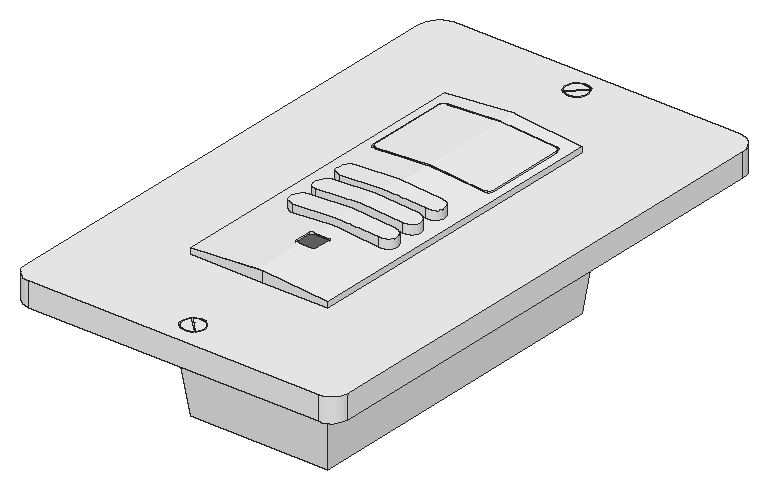
Revit family "1122A_LightHAWK2_Dimming", category Communication Devices, host Face, Revit 2021
Family settings
  Host = Face
  Maintain Annotation Orientation = No
  Round Connector Dimension = Use Diameter
  Part Type = Normal
  OmniClass Number = 23.85.80.11.27
  OmniClass Title = Lighting Controls
  Cut with Voids When Loaded = No
  Shared = Yes
  Room Calculation Point = No
Parameters
  Warranty = "5-Years Warranty"  # constant formula
  Type Comments = "LightHAWK®2 Dimming Wall Switch Sensor"  # constant formula
  Product Page URL = ""
  Product Documentation Link = ""
  URL = "https://www.currentlighting.com/nxlightingcontrols"
  Model = "Wall Switch Occupancy Sensors\r"  # constant formula
  Manufacturer = " NX Lighting Controls"  # constant formula
  Width = 2.75"
  Features = "Digital passive infrared (PIR) sensor \r\nIntelliDAPT self-adaptive technology—no manual adjustment required \r\n1 relay model for single-level switching \r\nOccupancy (auto-on) and Vacancy (manual-on) operating modes\r\n1,000 square-foot, 180° coverage area  \r\nRhinoTuff™ vandal resistant lens \r\n120/277VAC operation\r\nNo minimum load requirement \r\n Zero Arc Point Switching\r\nFive-year warranty \r\n120-277 Vac and 347 Vac models\r\n"  # constant formula
  Black = Paint -Carbon Black
  Height = 4.50"
  White = Paint - Matte White
  Description = "The LightHAWK2 Passive Infrared Wall Switch Sensor uses passive\r\ninfrared (PIR) technology to detect motion. The most affordable of the\r\nmotion detecting technologies, this sensor type is ideal for detecting\r\nlarge motion in areas with an unobstructed view of the sensor. This\r\nsensor has a coverage area of up to 1,000 square feet and 180° of\r\ndetection."  # constant formula
  Default Elevation = 48.00"
  Copyright = "Copyright © NX Lighting Controls"  # constant formula
  Contact Us = ""
  Assembly Code = "D5090"
Reference planes (in)
  plane 1 "Center (Front/Back)": y = 13.01342
  plane 2: z = 0
  plane 3 "Center (Left/Right)": x = 0
  plane 4: x = -1.375
  plane 5: x = 1.375
  plane 6: y = 15.26342
  plane 7: y = 10.76342
  plane 8: z = -1.35
  plane 9: z = 0.3
Forms (in)
  Extrusion 1, solid, material "Paint - Matte White" <- "White"
    sketch origin (0, 0, -0.5) x (1, 0, 0) y (0, 1, 0)
      loop
        arc (-1.17464, 15.26342) -> (-1.31632, 15.20473) -> (-1.375, 15.06306) r 0.20036
        line (-1.375, 15.06306) -> (-1.375, 10.91856)
        arc (-1.375, 10.91856) -> (-1.32956, 10.80886) -> (-1.21986, 10.76342) r 0.15514
        line (-1.21986, 10.76342) -> (1.23768, 10.76342)
        arc (1.23768, 10.76342) -> (1.33478, 10.80364) -> (1.375, 10.90074) r 0.13732
        line (1.375, 10.90074) -> (1.375, 15.08233)
        arc (1.375, 15.08233) -> (1.32196, 15.21038) -> (1.19391, 15.26342) r 0.18109
        line (1.19391, 15.26342) -> (-1.17464, 15.26342)
    from 0.6 to 0.4
  Extrusion 2, solid, material "Paint - Matte White" <- "White"
    sketch origin (0, 0, 0) x (1, 0, 0) y (0, 1, 0)
      loop
        line (-0.61252, 14.41205) -> (-0.61252, 11.71709) -> (0, 11.71709) -> (0.55202, 11.71709) -> (0.55202, 14.41205) -> (0, 14.41205) -> (-0.61252, 14.41205)
    from 0.23534 to 0.1
  Extrusion 3, solid, material "Paint - Matte White" <- "White"
    sketch origin (0, -0.15625, -0.15625) x (1, 0, 0) y (0, 1, 0)
      loop
        arc (-0.36532, 13.31515) -> (-0.44943, 13.23104) -> (-0.36532, 13.14693) r 0.08411
        line (-0.36532, 13.14693) -> (0.36532, 13.14693)
        arc (0.36532, 13.14693) -> (0.44943, 13.23104) -> (0.36532, 13.31515) r 0.08411
        line (0.36532, 13.31515) -> (-0.36532, 13.31515)
    from 0.41734 to 0.3
  Extrusion 4, void
    sketch origin (0, 13.01342, -0.15625) x (1, 0, 0) y (0, 0, 1)
      loop
        line (-0.68234, 0.93634) -> (-0.68234, 0.33634)
        arc (-0.68234, 0.33634) -> (0.00087, 0.41153) -> (0.68408, 0.33634) r 3.14149
        line (0.68408, 0.33634) -> (0.68408, 0.93634) -> (-0.68234, 0.93634)
    from 0.59824 to -0.22916
  Extrusion 5, void
    sketch origin (0, 13.01342, 0) x (1, 0, 0) y (0, 0, 1)
      loop
        line (-0.80064, 0.50032) -> (-0.80064, 0.11093)
        arc (-0.80064, 0.11093) -> (-0.03604, 0.19217) -> (0.72866, 0.11196) r 3.66183
        line (0.72866, 0.11196) -> (0.72866, 0.50032) -> (-0.80064, 0.50032)
    from 1.29633 to -1.39863
  Extrusion 6, void
    sketch origin (0, 0, 0) x (1, 0, 0) y (0, 1, 0)
      loop
        arc (-0.05987, 12.32805) -> (-0.07481, 12.32186) -> (-0.081, 12.30692) r 0.02113
        line (-0.081, 12.30692) -> (-0.081, 12.17922)
        arc (-0.081, 12.17922) -> (-0.0748, 12.16425) -> (-0.05983, 12.15805) r 0.02118
        line (-0.05983, 12.15805) -> (0.07098, 12.15805)
        arc (0.07098, 12.15805) -> (0.08505, 12.16387) -> (0.09087, 12.17794) r 0.01989
        line (0.09087, 12.17794) -> (0.09087, 12.30681)
        arc (0.09087, 12.30681) -> (0.08465, 12.32183) -> (0.06964, 12.32805) r 0.02123
        line (0.06964, 12.32805) -> (-0.05987, 12.32805)
    from 0.2 to 0.18
  Extrusion 7, void
    sketch origin (0, 0, 0) x (1, 0, 0) y (0, 1, 0)
      loop
        arc (-0.4785, 14.26887) -> (-0.50959, 14.256) -> (-0.52247, 14.22491) r 0.04396
        line (-0.52247, 14.22491) -> (-0.52247, 13.56121)
        arc (-0.52247, 13.56121) -> (-0.51007, 13.53127) -> (-0.48013, 13.51887) r 0.04234
        line (-0.48013, 13.51887) -> (0.43515, 13.51887)
        arc (0.43515, 13.51887) -> (0.46512, 13.53128) -> (0.47753, 13.56125) r 0.04238
        line (0.47753, 13.56125) -> (0.47753, 14.22788)
        arc (0.47753, 14.22788) -> (0.46552, 14.25687) -> (0.43654, 14.26887) r 0.04099
        line (0.43654, 14.26887) -> (-0.4785, 14.26887)
      loop
        arc (-0.4785, 14.27887) -> (-0.51666, 14.26307) -> (-0.53247, 14.22491) r 0.05396
        line (-0.53247, 14.22491) -> (-0.53247, 13.56121)
        arc (-0.53247, 13.56121) -> (-0.51714, 13.5242) -> (-0.48013, 13.50887) r 0.05234
        line (-0.48013, 13.50887) -> (0.43515, 13.50887)
        arc (0.43515, 13.50887) -> (0.47219, 13.52421) -> (0.48753, 13.56125) r 0.05238
        line (0.48753, 13.56125) -> (0.48753, 14.22788)
        arc (0.48753, 14.22788) -> (0.4726, 14.26394) -> (0.43654, 14.27887) r 0.05099
        line (0.43654, 14.27887) -> (-0.4785, 14.27887)
    from 0.31907 to 0.14375
  Blend 8, solid, material "Paint - Matte White" <- "White"
    base sketch origin (0, 0, 0) x (1, 0, 0) y (0, 1, 0)
      loop
        line (-0.73509, 14.56519) -> (-0.73509, 11.56519) -> (0.66835, 11.56519) -> (0.66835, 14.56519) -> (-0.73509, 14.56519)
    top sketch origin (0, 0, 0) x (1, 0, 0) y (0, 1, 0)
      loop
        line (-0.61252, 14.41205) -> (-0.61252, 11.71709) -> (0.55202, 11.71709) -> (0.55202, 14.41205) -> (-0.61252, 14.41205)
    from 0 to -1.12608
  Extrusion 9, solid, material "Paint - Matte White" <- "White"
    sketch origin (0, -0.40625, -0.15625) x (1, 0, 0) y (0, 1, 0)
      loop
        arc (-0.36532, 13.31515) -> (-0.44943, 13.23104) -> (-0.36532, 13.14693) r 0.08411
        line (-0.36532, 13.14693) -> (0.36532, 13.14693)
        arc (0.36532, 13.14693) -> (0.44943, 13.23104) -> (0.36532, 13.31515) r 0.08411
        line (0.36532, 13.31515) -> (-0.36532, 13.31515)
    from 0.41734 to 0.3
  Extrusion 10, solid, material "Paint - Matte White" <- "White"
    sketch origin (0, -0.65625, -0.15625) x (1, 0, 0) y (0, 1, 0)
      loop
        arc (-0.36532, 13.31515) -> (-0.44943, 13.23104) -> (-0.36532, 13.14693) r 0.08411
        line (-0.36532, 13.14693) -> (0.36532, 13.14693)
        arc (0.36532, 13.14693) -> (0.44943, 13.23104) -> (0.36532, 13.31515) r 0.08411
        line (0.36532, 13.31515) -> (-0.36532, 13.31515)
    from 0.41734 to 0.3
  Extrusion 11, void
    sketch origin (0, 0, 0) x (1, 0, 0) y (0, 1, 0)
      loop
        circle (0, 15.04517) r 0.09759
      loop
        arc (0.0579, 15.11089) -> (-0.06193, 15.1071) -> (-0.06572, 14.98727) r 0.08759
        line (-0.06572, 14.98727) -> (0.0579, 15.11089)
      loop
        line (0.06793, 15.10046) -> (-0.05529, 14.97724)
        arc (-0.05529, 14.97724) -> (0.06193, 14.98324) -> (0.06793, 15.10046) r 0.08759
    from 0.1 to 0.08
  Extrusion 12, void
    sketch origin (0, 26.02684, 0) x (1, 0, 0) y (0, 1, 0)
      loop
        circle (0, -15.04517) r 0.09759
      loop
        line (0.0579, -15.11089) -> (-0.06572, -14.98727)
        arc (-0.06572, -14.98727) -> (-0.06193, -15.1071) -> (0.0579, -15.11089) r 0.08759
      loop
        arc (0.06793, -15.10046) -> (0.06193, -14.98324) -> (-0.05529, -14.97724) r 0.08759
        line (-0.05529, -14.97724) -> (0.06793, -15.10046)
    from 0.1 to 0.08
Cuts and joins
  Extrusion 4 cuts Extrusion 3
  Extrusion 5, Extrusion 6, Extrusion 11, Extrusion 12 cuts Extrusion 1
  Extrusion 5, Extrusion 6, Extrusion 7, Extrusion 12 cuts Extrusion 2
  joined: Extrusion 1, Extrusion 2
  Extrusion 4 cuts Extrusion 9
  Extrusion 4 cuts Extrusion 10
Lines and regions (in)
  model lines
    curve 1: line (0, 13.13625, 0) -> (-0.06711, 13.02002, 0)
    curve 2: line (-0.06711, 13.02002, 0) -> (0.06711, 13.02002, 0)
    curve 3: line (0.06711, 13.02002, 0) -> (0, 13.13625, 0)
    curve 4: line (0, 12.50023, 0) -> (-0.06711, 12.61646, 0)
    curve 5: line (-0.06711, 12.61646, 0) -> (0.06711, 12.61646, 0)
    curve 6: line (0.06711, 12.61646, 0) -> (0, 12.50023, 0)
Dimensions and locks (in)
  plane 2 to plane 8 = 1.35"
  "Width": plane 4 to plane 5
  equal spacing: plane 4, plane 3 "Center (Left/Right)", plane 5
  "Height": plane 7 to plane 6
  equal spacing: plane 7, plane 1 "Center (Front/Back)", plane 6
  plane 9 to plane 8 = 1.65"
  aligned and locked: plane 2 to host face
  aligned and locked: level to host face
Automatic sketch dimensions
  curve 1 to plane 3 "Center (Left/Right)" = 0.00"
  curve 4 to plane 3 "Center (Left/Right)" = 0.00"
  curve 4 to plane 3 "Center (Left/Right)" = 0.06711"
  curve 2 to plane 1 "Center (Front/Back)" = 0.0066"
  curve 2 to plane 3 "Center (Left/Right)" = 0.06711"
  plane 3 "Center (Left/Right)" to curve 5 = 0.06711"
  plane 3 "Center (Left/Right)" to curve 2 = 0.06711"
  plane 1 "Center (Front/Back)" to curve 4 = 0.39696"
  curve 6 to curve 4 = 0.11623"
  curve 1 to plane 1 "Center (Front/Back)" = 0.12283"
  host sketch curve to host sketch curve = 96.00"  (x2)
  Extrusion 1 sketch curve to plane 4 = 0.00"
  plane 7 to Extrusion 1 sketch curve = 0.00"
  plane 6 to Extrusion 1 sketch curve = 0.00"
  Extrusion 1 sketch curve to plane 5 = 0.00"
  plane 4 to Extrusion 1 sketch curve = 0.15514"
  plane 4 to Extrusion 1 sketch curve = 0.20036"
  Extrusion 1 sketch curve to Extrusion 1 sketch curve = 0.18109"
  Extrusion 1 sketch curve to plane 5 = 0.13732"
  Extrusion 2 sketch curve to plane 3 "Center (Left/Right)" = 0.00"  (x2)
  Extrusion 2 sketch curve to plane 3 "Center (Left/Right)" = 0.61252"
  Extrusion 2 sketch curve to Extrusion 2 sketch curve = 0.55202"
  Extrusion 2 sketch curve to plane 7 = 0.95367"
  plane 6 to Extrusion 2 sketch curve = 0.85137"
  Extrusion 3 sketch curve to plane 1 "Center (Front/Back)" = 0.14548"
  Extrusion 3 sketch curve to plane 3 "Center (Left/Right)" = 0.36532"
  plane 1 "Center (Front/Back)" to Extrusion 3 sketch curve = 0.02274"
  plane 3 "Center (Left/Right)" to Extrusion 3 sketch curve = 0.36532"
  plane 9 to Extrusion 4 sketch curve = 0.11991"
  Extrusion 4 sketch curve to plane 3 "Center (Left/Right)" = 0.68234"
  plane 3 "Center (Left/Right)" to Extrusion 4 sketch curve = 0.00087"
  plane 3 "Center (Left/Right)" to Extrusion 4 sketch curve = 0.68408"
  plane 8 to Extrusion 4 sketch curve = 1.53622"
  Extrusion 4 sketch curve to plane 9 = 0.48009"
  Extrusion 4 sketch curve to Extrusion 4 sketch curve = 0.00"
  level to Extrusion 5 sketch curve = 0.11093"
  plane 4 to Extrusion 5 sketch curve = 0.57436"
  Extrusion 5 sketch curve to plane 3 "Center (Left/Right)" = 0.03357"
  level to Extrusion 5 sketch curve = 0.11196"
  plane 3 "Center (Left/Right)" to Extrusion 5 sketch curve = 0.72866"
  Extrusion 5 sketch curve to plane 9 = 0.20032"
  Extrusion 6 sketch curve to plane 3 "Center (Left/Right)" = 0.081"
  Extrusion 6 sketch curve to Extrusion 6 sketch curve = 0.02113"
  Extrusion 6 sketch curve to Extrusion 6 sketch curve = 0.02118"
  plane 3 "Center (Left/Right)" to Extrusion 6 sketch curve = 0.06964"
  plane 3 "Center (Left/Right)" to Extrusion 6 sketch curve = 0.07098"
  Extrusion 6 sketch curve to Extrusion 6 sketch curve = 0.01989"
  plane 1 "Center (Front/Back)" to Extrusion 6 sketch curve = 0.85537"
  Extrusion 6 sketch curve to Extrusion 6 sketch curve = 0.12887"
  Extrusion 7 sketch curve to Extrusion 7 sketch curve = 0.00"  (x8)
  Extrusion 7 sketch curve to plane 3 "Center (Left/Right)" = 0.53247"
  Extrusion 7 sketch curve to Extrusion 7 sketch curve = 0.01"
  Extrusion 7 sketch curve to Extrusion 7 sketch curve = 0.04234"
  Extrusion 7 sketch curve to Extrusion 7 sketch curve = 0.04396"
  plane 3 "Center (Left/Right)" to Extrusion 7 sketch curve = 0.43515"
  plane 3 "Center (Left/Right)" to Extrusion 7 sketch curve = 0.43654"
  Extrusion 7 sketch curve to Extrusion 7 sketch curve = 0.04238"
  Extrusion 7 sketch curve to plane 1 "Center (Front/Back)" = 0.49545"
  Extrusion 7 sketch curve to Extrusion 7 sketch curve = 0.66369"
  plane 4 to Blend 8 sketch curve = 0.63991"
  plane 3 "Center (Left/Right)" to Blend 8 sketch curve = 0.66835"
  Blend 8 sketch curve to plane 7 = 0.80177"
  plane 6 to Blend 8 sketch curve = 0.69823"
  Blend 8 sketch curve to plane 3 "Center (Left/Right)" = 0.61252"
  plane 3 "Center (Left/Right)" to Blend 8 sketch curve = 0.55202"
  Blend 8 sketch curve to plane 7 = 0.95367"
  plane 6 to Blend 8 sketch curve = 0.85137"
  plane 1 "Center (Front/Back)" to Extrusion 9 sketch curve = 0.10452"
  Extrusion 9 sketch curve to plane 3 "Center (Left/Right)" = 0.36532"
  plane 1 "Center (Front/Back)" to Extrusion 9 sketch curve = 0.27274"
  plane 3 "Center (Left/Right)" to Extrusion 9 sketch curve = 0.36532"
  Extrusion 10 sketch curve to plane 3 "Center (Left/Right)" = 0.36532"
  plane 3 "Center (Left/Right)" to Extrusion 10 sketch curve = 0.36532"
  plane 1 "Center (Front/Back)" to Extrusion 10 sketch curve = 0.52274"
  Extrusion 10 sketch curve to Extrusion 10 sketch curve = 0.08411"
  Extrusion 11 sketch curve to Extrusion 11 sketch curve = 0.00"  (x6)
  Extrusion 11 sketch curve to plane 3 "Center (Left/Right)" = 0.00"
  Extrusion 11 sketch curve to plane 3 "Center (Left/Right)" = 0.05529"
  Extrusion 11 sketch curve to Extrusion 11 sketch curve = 0.01044"
  plane 3 "Center (Left/Right)" to Extrusion 11 sketch curve = 0.0579"
  Extrusion 11 sketch curve to Extrusion 11 sketch curve = 0.01004"  (x2)
  plane 6 to Extrusion 11 sketch curve = 0.28618"
  Extrusion 11 sketch curve to Extrusion 11 sketch curve = 0.0579"
  Extrusion 12 sketch curve to Extrusion 12 sketch curve = 0.00"  (x6)
  Extrusion 12 sketch curve to plane 3 "Center (Left/Right)" = 0.00"
  plane 3 "Center (Left/Right)" to Extrusion 12 sketch curve = 0.05529"
  Extrusion 12 sketch curve to Extrusion 12 sketch curve = 0.01044"
  Extrusion 12 sketch curve to plane 3 "Center (Left/Right)" = 0.0579"
  Extrusion 12 sketch curve to Extrusion 12 sketch curve = 0.01004"  (x2)
  plane 7 to Extrusion 12 sketch curve = 0.28618"
  Extrusion 12 sketch curve to Extrusion 12 sketch curve = 0.0579"
  radius of Extrusion 11 sketch curve = 0.09759"
  radius of Extrusion 12 sketch curve = 0.09759"
Connectors (in)
  electrical at (0.00464, 13.0023, 0.1)
    settings: on cut or joined group of Extrusion 1, Extrusion 2, Extrusion 5, Extrusion 6, Extrusion 7, Extrusion 11, Extrusion 12, index 1, voltage 0 V, apparent load 0 VA, apparent load phase1 0 VA, apparent load phase2 0 VA, apparent load phase3 0 VA, power factor 1, load classification "Other", number of poles 1, system type 14, power factor state 1, is connector primary yes, connector utility no, sub classification motor no, connector description "Wall Switch Occupancy Sensors"
